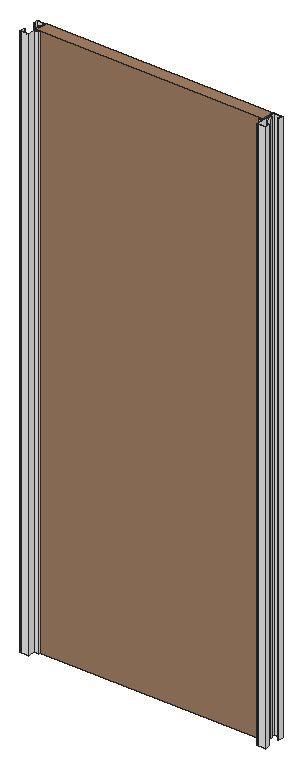
Revit family "DSP_A3-AF01A", category Doors, host Wall, Revit 2016
Family settings
  Host = Wall
  Always vertical = Yes
  Cut with Voids When Loaded = No
  Shared = No
  Room Calculation Point = No
Parameters (values of type "Wc Alumn Frame for 813 x 2032mm")
  Panel:Semi-Solid [instance] = not(Panel:Braced Battened)  # yes
  Panel:Braced Battened [instance] = no
  Panel Width = "813"
  Panel Visibility [instance] = not(Over Swing)  # yes
  Panel Height = "1980"
  Over Swing [instance] = no
  Other = "Hinges as supplied by manufacturer. Manufacturer to take note of door weight and to supply hinges accordingly."
  Note = "All quantities & dimensions to be checked on site by contractor prior to ordering of any material, final quantities to be verified by architect. Schedules to be read in conjunction with latest floor layout drawings & finishing schedules."
  Model = ""
  Manufacturer = "Aluminium Manufacturer"
  Ironmongery Type [instance] = ""
  Hinges [instance] = "Rising or Falling Hinges as supplied by manufacturer to all Wc cubicle doors."
  Height = 2125 mm
  Wall Closure = By host
  Width = 873 mm
  Hand [instance] = ""
  Glazing [instance] = "N/A"
  Function = Interior
  Frame Centre = 57.5 mm
  Door panel Height = 1980 mm
  Door Panel Finish = "Stop with polyfilla spackle. Ensure that surfaces to be coated are clean, dry, firm and dust free. Apply 2-3 coats paint as specified."
  Door Panel Colour [instance] = "To be specified."
  Door Panel = "Standard Semi-solid Medium Duty flush panel door leaf. 40mm thick with masonite veneer faces suitable for painting and edges to match veneer."
  Door Frame Finish = "Aluminium Finish"
  Door Frame Colour [instance] = "To be specified."
  Door Frame = "Extruded aluminium section to comply with AAAMSA specification and complete as supplied by manufacturer. No top frame. Side frames only with capped edges."
  Description = "Standard Door"
  Construction Type = "AF01"
  Assembly Code = ""
Reference planes
  plane 1: y = 0
  plane 2 "Center (Left/Right)": x = 0
  plane 3 "Left": x = -436.5
  plane 4 "Right": x = 436.5
  plane 5: z = 2125
  plane 6 "Exterior": y = 57.5
  plane 7 "Interior": y = -57.5
  plane 8 "Frame Edge": y = 39.5
  plane 9 "Frame Centre": y = 0
  plane 10 "Wall Edge": y = 57.5
Forms (mm)
  Extrusion 1, solid, material "Door Veneer", visible <- "Panel:Semi-Solid"
    sketch origin (0, 39.5, 90) x (1, 0, 0) y (0, 0, 1)
      loop
        line (401.5, 55) -> (401.5, 2035) -> (-401.5, 2035) -> (-401.5, 55) -> (401.5, 55)
    from 0 to 44
  Sweep 2, solid, material "Steel Door Frame"
    path origin (0, 57.5, 0) x (-1, 0, 0) y (0, 0, 1)
      loop
        line (436.5, 145) -> (436.5, 2125)
    profile "Profile for Aluminium WC Frame : Profile for Aluminium WC Frame" origin (-436.5, 57.5, 1135) x (-1, 0, 0) y (0, -1, 0)
      loop
        line (0, 77) -> (0, 93) -> (-30, 93) -> (-30, 68) -> (-45, 68) -> (-45, 64) -> (-37, 64) -> (-37, 66) -> (-30, 66) -> (-30, 52) -> (-28, 52) -> (-28, 53)
        arc (-28, 53) -> (-27, 54) -> (-26, 53) r 1
        line (-26, 53) -> (-26, 38.32)
        arc (-26, 38.32) -> (-27, 37.32) -> (-28, 38.32) r 1
        line (-28, 38.32) -> (-28, 39.32) -> (-30, 39.32) -> (-30, 18) -> (0, 18) -> (0, 34) -> (-4, 34) -> (-4, 32) -> (-2, 32) -> (-2, 20) -> (-28, 20) -> (-28, 35.32) -> (-27, 35.32)
        arc (-27, 35.32) -> (-24.879, 36.198) -> (-24, 38.32) r 3
        line (-24, 38.32) -> (-24, 53)
        arc (-24, 53) -> (-24.879, 55.121) -> (-27, 56) r 3
        line (-27, 56) -> (-28, 56) -> (-28, 91) -> (-2, 91) -> (-2, 79) -> (-4, 79) -> (-4, 77) -> (0, 77)
  Sweep 3, solid, material "Steel Door Frame"
    path origin (0, 57.5, 0) x (1, 0, 0) y (0, 0, 1)
      loop
        line (436.5, 145) -> (436.5, 2125)
    profile "Profile for Aluminium WC Frame : Profile for Aluminium WC Frame" origin (436.5, 57.5, 1135) x (-1, 0, 0) y (0, -1, 0)
      loop
        line (0, 77) -> (4, 77) -> (4, 79) -> (2, 79) -> (2, 91) -> (28, 91) -> (28, 56) -> (27, 56)
        arc (27, 56) -> (24.879, 55.121) -> (24, 53) r 3
        line (24, 53) -> (24, 38.32)
        arc (24, 38.32) -> (24.879, 36.198) -> (27, 35.32) r 3
        line (27, 35.32) -> (28, 35.32) -> (28, 20) -> (2, 20) -> (2, 32) -> (4, 32) -> (4, 34) -> (0, 34) -> (0, 18) -> (30, 18) -> (30, 39.32) -> (28, 39.32) -> (28, 38.32)
        arc (28, 38.32) -> (27, 37.32) -> (26, 38.32) r 1
        line (26, 38.32) -> (26, 53)
        arc (26, 53) -> (27, 54) -> (28, 53) r 1
        line (28, 53) -> (28, 52) -> (30, 52) -> (30, 66) -> (37, 66) -> (37, 64) -> (45, 64) -> (45, 68) -> (30, 68) -> (30, 93) -> (0, 93) -> (0, 77)
Lines and regions (mm)
  Opening 1
    outline origin (-3050, -57.5, 0) x (1, 0, 0) y (0, 0, 1)
      loop
        line (2613.5, 0) -> (3486.5, 0) -> (3486.5, 2125) -> (2613.5, 2125) -> (2613.5, 0)
  symbolic lines, style "Elevation Swing"
    curve 1: line (-401.5, -57.5, 1135) -> (401.5, -57.5, 145)
    curve 2: line (-401.5, 57.5, 1135) -> (401.5, 57.5, 2125)
  symbolic lines, style "DoorsPanelProjection", visible <- "Panel Visibility"
    curve 3: line (401.5, 39.5, 0) -> (401.5, 842.5, 0)
    curve 4: line (357.5, 842.5, 0) -> (357.5, 39.5, 0)
    curve 8: line (357.5, 842.5, 0) -> (401.5, 842.5, 0)
    curve 10: line (357.5, 39.5, 0) -> (401.5, 39.5, 0)
  symbolic lines, style "Plan Swing"
    curve 5: arc (-401.5, 39.5, 0) -> (-166.307, 607.307, 0) -> (401.5, 842.5, 0) r 803
  symbolic lines, style "Overhead"
    curve 6: line (-436.5, -57.5, 0) -> (436.5, -57.5, 0)
    curve 7: line (-436.5, 57.5, 0) -> (436.5, 57.5, 0)
  symbolic lines, style "Plan Swing", visible <- "Over Swing"
    curve 9: arc (1204.5, 39.5, 0) -> (969.307, 607.307, 0) -> (401.5, 842.5, 0) r 803
  symbolic lines, style "DoorsPanelProjection", visible <- "Over Swing"
    curve 11: line (401.5, 39.5, 0) -> (1204.5, 39.5, 0)
    curve 12: line (1204.5, 83.5, 0) -> (401.5, 83.5, 0)
    curve 13: line (1204.5, 83.5, 0) -> (1204.5, 39.5, 0)
    curve 14: line (401.5, 83.5, 0) -> (401.5, 39.5, 0)
  model lines, style "DoorsFrameMullionProjection"
    curve 15: line (408.5, 45, 2025.094) -> (398.5, 45, 2025.094)
    curve 16: line (408.5, 45, 1925.094) -> (408.5, 45, 2025.094)
    curve 17: line (398.5, 45, 1925.094) -> (408.5, 45, 1925.094)
    curve 18: line (398.5, 45, 2025.094) -> (398.5, 45, 1925.094)
    curve 19: line (408.5, 45, 345) -> (398.5, 45, 345)
    curve 20: line (408.5, 45, 245) -> (408.5, 45, 345)
    curve 21: line (398.5, 45, 245) -> (408.5, 45, 245)
    curve 22: line (398.5, 45, 345) -> (398.5, 45, 245)
  model lines, style "DoorsFrameMullionProjection", not visible
    curve 23: line (555.817, 135, 1974.277) -> (545.817, 135, 1974.277)
    curve 24: line (555.817, 135, 1874.277) -> (555.817, 135, 1974.277)
    curve 25: line (545.817, 135, 1874.277) -> (555.817, 135, 1874.277)
    curve 26: line (545.817, 135, 1974.277) -> (545.817, 135, 1874.277)
Text (mm)
  text "Exterior" at (0, 1615.38, 3698.081), in view "Left"
  text "Exterior" at (0, 1036.032, 3874.932), in view "Right"
Dimensions and locks
  equal spacing: plane 3 "Left", plane 2 "Center (Left/Right)", plane 4 "Right"
  "Width": plane 3 "Left" to plane 4 "Right"
  "Height": plane 5 to host wall
  equal spacing: host wall, curve 1, plane 5
  equal spacing: host wall, curve 2, plane 5
  locked: plane 6 "Exterior" to host wall at 0
  locked: plane 7 "Interior" to host wall
  plane 9 "Frame Centre" to plane 8 "Frame Edge" to plane 10 "Wall Edge" = 39.5 mm locked, 18 mm locked
  "Frame Centre": plane 9 "Frame Centre" to plane 6 "Exterior"
  equal spacing: curve 5, curve 3, curve 13
  curve 4 to curve 3 = 44 mm
  "Door panel Height": Extrusion 1 to Extrusion 1
  level to Extrusion 1 = 145 mm
  curve 15 to Sweep 3 = 99.906 mm
  aligned and locked: plane 3 "Left" to Opening 1 sketch curve
  aligned and locked: plane 5 to Opening 1 sketch curve  (x2)
  aligned and locked: Opening 1 sketch curve to plane 4 "Right"
  aligned and locked: Opening 1 sketch curve to level
  aligned and locked: plane 1 to host wall
Automatic sketch dimensions
  curve 6 to plane 3 "Left" = 0 mm
  plane 8 "Frame Edge" to curve 5 = 0 mm
  plane 8 "Frame Edge" to curve 4 = 0 mm
  plane 8 "Frame Edge" to curve 3 = 0 mm
  curve 6 to plane 4 "Right" = 0 mm
  curve 7 to host wall = 0 mm
  curve 5 to plane 3 "Left" = 35 mm
  plane 4 "Right" to curve 8 = 79 mm
  curve 2 to plane 5 = 0 mm
  curve 2 to plane 3 "Left" = 35 mm
  plane 5 to curve 2 = 990 mm
  curve 1 to plane 3 "Left" = 35 mm
  curve 1 to curve 2 = 0 mm
  plane 4 "Right" to curve 1 = 35 mm
  level to curve 1 = 145 mm
  plane 4 "Right" to curve 2 = 35 mm
  Extrusion 1 sketch curve to plane 5 = 0 mm
  Extrusion 1 sketch curve to plane 3 "Left" = 35 mm
  plane 4 "Right" to Extrusion 1 sketch curve = 35 mm
  level to Extrusion 1 sketch curve = 145 mm
  plane 8 "Frame Edge" to curve 10 = 0 mm
  plane 4 "Right" to curve 9 = 35 mm
  curve 10 to curve 9 = 44 mm
  curve 13 to plane 8 "Frame Edge" = 44 mm
  host wall to curve 6 = 0 mm
  curve 7 to plane 3 "Left" = 0 mm
  curve 7 to plane 4 "Right" = 0 mm
  plane 4 "Right" to curve 14 = 35 mm
  plane 4 "Right" to Sweep 3 sketch curve = 0 mm
  Sweep 3 sketch curve to plane 5 = 0 mm
  level to Sweep 3 sketch curve = 145 mm
  plane 3 "Left" to Sweep 2 sketch curve = 0 mm
  Sweep 2 sketch curve to plane 5 = 0 mm
  Sweep 2 sketch curve to level = 145 mm
